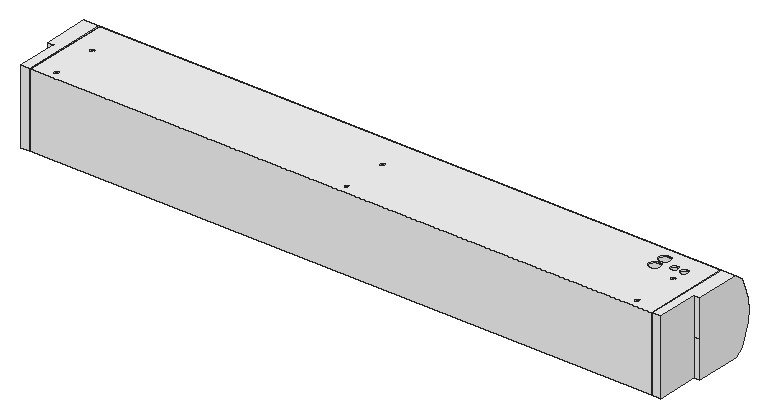
Revit family "Thermoscreens_AirCurtain_C1500NT", category Mechanical Equipment, Revit 2015
Parameters (values of type "C1500W NT")
  Weight(kg) = "26"
  WaterContent = "n/a"
  WarrantyStartDate(default) = "date of unit sale"
  WarrantyGuarantorParts = "2 years"
  WarrantyGuarantorLabour = "2 years"
  WarrantyDurationParts = "2years"
  WarrantyDurationLabour = "2 years"
  WarrantyDescription = "unit fully covered for 2 years"
  Version = "1.0"
  UsageCurrent = "0.9"
  UnitWidth = 233.4 mm
  UnitLength = 1669 mm
  Uniclass = "G52HVAC"
  URL = "http://www.thermoscreens.com/"
  Type Comments = "n/a"
  TubingLength = "n/a"
  ThermalMassHeatCapacity = "n/a"
  ThermalEfficiency = "n/a"
  TemperatureClassification = "n/a"
  TagNumberDefault = "n/a"
  SustainabilityPerformance = "n/a"
  Supply(50Hz) = "230V~1P&N"
  Status = "new"
  Size = "1137 x 198 x 275"
  Shape = "n/a"
  ServiceLifeType = "full cover for 2 years"
  ServiceLifeDuration = "full cover for 2 years"
  SerialNumber(default) = "n/a"
  RightHandAssembly = yes
  ReplacementCost = "n/a"
  ReferenceStandard = "n/a"
  Reference = "n/a"
  RatedVoltage = "230v1phase+N"
  RatedCurrent = "0.9"
  ProductionYear = "2015"
  Product URL = "http://www.thermoscreens.com/our-product-range/c-range"
  Process = "n/a"
  PowerFactor = "n/a"
  PlacementType = "n/a"
  PhaseReference = "L1 L2 L3+N+E"
  PhaseAngle = "N/A"
  OutputCapacity = "6/12"
  NumberOfSections = "n/a"
  NumberOfPoles = "n/a"
  NumberOfPanels = "n/a"
  NominalWidth = "198mm"
  NominalVoltage = "n/a"
  NominalLenght = "1669mm"
  NominalHeight = "275mm"
  NominalFrequencyRange = "n/a"
  NominalCurrent = "+5% of 230v"
  NBSTypeID = "n/a"
  NBSReference = "n/a"
  NBSNote = "n/a"
  NBSDecription = "AirCurtain"
  MountingHeight = "3m max"
  ModelReference = "C1500W NT"
  ModelLable = "n/a"
  Model = "C1500W NT"
  MinToMaxOffsetFromFloor = "up to 3meters"
  MethodOfMeasurement = "mm"
  Max.Velocity(m/s) = "8.5"
  Max.AirVolume(m3/h) = "1700"
  MaxOfSet = 115.5 mm
  Material = "20 gauge sheet steel"
  Manufacturer = "Thermoscreens LTD"
  ManufactureURL = "http://www.thermoscreens.com/"
  Loading(A)*PerPhase = "0.9"
  LifeCyclePhase = "n/a"
  LeftHandAssembly = yes
  Keynote = "n/a"
  IssueDate = "12/02/15"
  InsulationStandardClass = "n/a"
  InsatallationDate = "n/a"
  IfcExportType = "n/a"
  IfcExportAS = "n/a"
  IP_Code = "IP21"
  Help = "http://www.thermoscreens.com/contact-us"
  HeatTransferMedium = "n/a"
  HeatTransferDimension = "n/a"
  HeatSource = "Electric heated elements or low pressure hot water coils"
  HeatOutput(kW) = "9"
  HasProtectiveEarth = "true"
  Grade = "n/a"
  Finish = "Corrision resistant pre-finished 20 gauge sheet steel"
  Filters(optional) = "PS media"
  Features = "n/a"
  Fans = "100mm forward curved metal bladed crossflow impellers"
  EnergySource = "n/a"
  ElectricalDeviceNominalPower = "9"
  Documentation = "n/a"
  DocumentReference = "n/a"
  Description = "Thermoscreens C range of air curtains are compact and are the ideal solution where space is at a premium. The air curtains will provide climate separation and available in standard widths of 1, 1.5 and 2m.  Models available are ambient (without heating), electrical or water heated versions. Water heated (LPHW) versions are available with 2 row coils. Motorised three port valves are supplied as standard with all LPHW models. Electrical and LPHW models are supplied complete with Ecopower control."
  Cost = 0
  Constituents = "n/a"
  colour = "As standered white but this can be changed to the ordered color."
  CodePerformance = "n/a"
  CenterY = UnitWidth / 2  # 116.7 mm
  CenterX = UnitLength / 2  # 834.5 mm
  BimObjectName = "Thermoscreens_AirCurtain_C1500ENT"
  BarCode(default) = "n/a"
  AssetIdentifier(default) = "n/a"
  Assembly Code = "n/a"
  AirFlowDirection = yes
  AirFlow = no
  AccessibilityPerformance = "n/a"
  **dB(A)@3mMed = "53"
  **dB(A)@3mLow = "49"
  **dB(A)@3mHigh = "55"
Types (4, lengths in mm): name | Weight(kg) | UsageCurrent | Supply(50Hz) | RatedVoltage | RatedCurrent | PhaseAngle | OutputCapacity | NominalCurrent | ModelReference | Model | Max.Velocity(m/s) | Max.AirVolume(m3/h) | Loading(A)*PerPhase | IssueDate | HeatOutput(kW) | ElectricalDeviceNominalPower | BimObjectName
  (no name) | "26" | "0.9" | "230V~1P&N" | "230v1phase+N" | "0.9" | "N/A" | "6/12" | "+5% of 230v" | "C1500W NT" | "C1500W NT" | "8.5" | "1700" | "0.9" | "12/02/15" | "9" | "9" | "Thermoscreens_AirCurtain_C1500ENT"
  C1500E NT | "23" | "18.3" | "400V~3P&N" | "400v3phase+N" | "13.7" | "N/A" | "6/12" | "+5% of 400v" | "C1500 E NT" | "C1500E NT" | "9" | "1800" | "18.3" | "23/03/2015" | "6/12" | "6/12" | "Thermoscreens_AirCurtain_C1500ENT"
  C1500W NT | "26" | "0.9" | "230V~1P&N" | "230v1phase+N" | "0.9" | "N/A" | "6/12" | "+5% of 230v" | "C1500W NT" | "C1500W NT" | "8.5" | "1700" | "0.9" | "12/02/15" | "9" | "9" | "Thermoscreens_AirCurtain_C1500ENT"
  C1500A NT | "23" | "18.3" | "230V~1P&N" | "230v1phase+N" | "18.3" | "n/a" | "n/a" | "+5% of 230v" | "C1500A NT" | "C1500A NT" | "9" | "1800" | "0.9" | "12/03/2015" | "n/a" | "n/a" | "Thermoscreens_AirCurtain_C1500ANT"
Reference planes
  plane 1 "Center (Front/Back)": y = 0
  plane 2: z = 3000
  plane 3 "Center (Left/Right)": x = 0
Forms (mm)
  Extrusion 1, solid, material "Default"
    sketch origin (0, 0, 3000) x (1, 0, 0) y (0, 1, 0)
      loop
        line (-834.5, 116.7) -> (-834.5, -116.7) -> (834.5, -116.7) -> (834.5, 116.7) -> (-834.5, 116.7)
    from 0 to 1.2
  Extrusion 2, solid, material "Default"
    sketch origin (834.5, -116.7, 3000) x (-1, 0, 0) y (0, 0, -1)
      loop
        line (0, 0) -> (0, -198) -> (1669, -198) -> (1669, 0) -> (0, 0)
    from 0 to -1.2
  Extrusion 3, solid, material "Default"
    sketch origin (834.5, 116.7, 3000) x (0, -1, 0) y (0, 0, -1)
      loop
        line (233.4, -198) -> (233.4, 0) -> (0, 0) -> (0, -198) -> (233.4, -198)
    from 0 to -1.2
  Extrusion 4, solid, material "Default"
    sketch origin (-834.5, -116.7, 3000) x (0, 1, 0) y (0, 0, -1)
      loop
        line (233.4, -198) -> (233.4, 0) -> (0, 0) -> (0, -198) -> (233.4, -198)
    from 0 to -1.2
  Extrusion 5, solid, material "Default"
    sketch origin (-834.5, 116.7, 3198) x (0, -1, 0) y (1, 0, 0)
      loop
        line (0, 1668.959) -> (0, 0) -> (233.4, 0) -> (233.4, 1668.959) -> (0, 1668.959)
    from 0 to -1.2
  Extrusion 6, solid, material "Default"
    sketch origin (-834.5, -116.7, 3198) x (0, 0, -1) y (0, -1, 0)
      loop
        line (198, -233.4) -> (0, -233.4) -> (15.363, -251.708)
        arc (15.363, -251.708) -> (99, -274.6) -> (182.637, -251.708) r 164.236
        line (182.637, -251.708) -> (198, -233.4)
    from 0 to -1669
  Extrusion 7, void
    sketch origin (-834.5, -116.7, 3000) x (-1, 0, 0) y (0, -1, 0)
      loop
        line (-20.451, -21.2) -> (-1649, -21.2) -> (-1649, -51.2) -> (-20.451, -51.2) -> (-20.451, -21.2)
    from 0 to 20
  Extrusion 8, solid, material "Default"
    sketch origin (834.5, -116.7, 3000) x (0, 0, 1) y (0, -1, 0)
      loop
        line (198, -233.4) -> (198, 0) -> (0, 0) -> (0, -233.4) -> (15.363, -251.708)
        arc (15.363, -251.708) -> (99, -274.6) -> (182.637, -251.708) r 164.236
        line (182.637, -251.708) -> (198, -233.4)
    from 0 to 25.1
  Extrusion 9, solid, material "Default"
    sketch origin (859.6, -116.7, 3000) x (0, 0, 1) y (0, -1, 0)
      loop
        line (99, -111.7) -> (0, -111.7) -> (0, -233.4) -> (15.363, -251.708)
        arc (15.363, -251.708) -> (99, -274.6) -> (182.637, -251.708) r 164.236
        line (182.637, -251.708) -> (198, -233.4) -> (198, -111.7) -> (99, -111.7)
    from 0 to 15
  Extrusion 10, solid, material "Default"
    sketch origin (-834.5, -116.7, 3198) x (0, 0, -1) y (0, -1, 0)
      loop
        line (0, 0) -> (0, -233.4) -> (15.363, -251.708)
        arc (15.363, -251.708) -> (99, -274.6) -> (182.637, -251.708) r 164.236
        line (182.637, -251.708) -> (198, -233.4) -> (198, 0) -> (0, 0)
    from 0 to 25.1
  Extrusion 11, solid, material "Default"
    sketch origin (-859.6, -116.7, 3198) x (0, 0, -1) y (0, -1, 0)
      loop
        line (0, -233.4) -> (15.363, -251.708)
        arc (15.363, -251.708) -> (99, -274.6) -> (182.637, -251.708) r 164.236
        line (182.637, -251.708) -> (198, -233.4) -> (198, -111.7) -> (99, -111.7) -> (0, -111.7) -> (0, -233.4)
    from 0 to 15
  Extrusion 12, void
    sketch origin (834.5, -116.7, 3198) x (0, -1, 0) y (-1, 0, 0)
      loop
        circle (-21, 1614.1) r 5
      loop
        circle (-141, 1614.1) r 5
      loop
        circle (-141, 54.9) r 5
      loop
        circle (-21, 54.9) r 5
    from 0 to 1.2
  Extrusion 13, void
    sketch origin (834.5, -116.7, 3198) x (0, -1, 0) y (-1, 0, 0)
      loop
        circle (-195.093, 120.9) r 15
      loop
        circle (-162.093, 120.9) r 15
      loop
        circle (-177.093, 79.905) r 10
      loop
        circle (-177.093, 53.839) r 10
    from 0 to 1.2
  Extrusion 14, void
    sketch origin (834.5, -116.7, 3198) x (0, -1, 0) y (-1, 0, 0)
      loop
        circle (-141, 834.5) r 5
      loop
        circle (-21, 834.5) r 5
    from 0 to 1.2
  Extrusion 15, solid, material "Default New Material", visible <- "AirFlow", detail levels fine
    sketch origin (-834.5, -116.7, 3000) x (0, -1, 0) y (-1, 0, 0)
      loop
        line (-51.2, -1649) -> (-21.2, -1649) -> (-21.2, -20.451) -> (-51.2, -20.451) -> (-51.2, -1649)
    from 0 to 3000
Cuts and joins
  Extrusion 7, Extrusion 12, Extrusion 13, Extrusion 14 cuts Extrusion 1
  Extrusion 7, Extrusion 12, Extrusion 13, Extrusion 14 cuts Extrusion 2
  Extrusion 7, Extrusion 12, Extrusion 13, Extrusion 14 cuts Extrusion 3
  Extrusion 7, Extrusion 12, Extrusion 13, Extrusion 14 cuts Extrusion 4
  Extrusion 7, Extrusion 12, Extrusion 13, Extrusion 14 cuts Extrusion 5
  joined: Extrusion 1, Extrusion 2, Extrusion 3, Extrusion 4, Extrusion 5
  joined: Extrusion 8, Extrusion 9
  joined: Extrusion 10, Extrusion 11
Lines and regions (mm)
  model lines, visible <- "AirFlowDirection", detail levels fine
    curve 1: line (0, -81.532, 2990) -> (0, -79.505, 2990)
    curve 2: line (0, -79.505, 2990) -> (0, -79.505, 2980)
    curve 3: line (0, -79.505, 2980) -> (0, -77.505, 2980)
    curve 4: line (0, -81.532, 2990) -> (0, -81.532, 2980)
    curve 5: line (0, -81.532, 2980) -> (0, -83.532, 2980)
    curve 6: line (0, -80.5, 2973) -> (0, -83.532, 2980)
    curve 7: line (0, -80.5, 2973) -> (0, -77.505, 2980)
Dimensions and locks
  "CenterY": plane 1 "Center (Front/Back)" to Extrusion 1 sketch curve
  "UnitWidth": Extrusion 1 sketch curve to Extrusion 1 sketch curve
  "CenterX": Extrusion 1 sketch curve to plane 3 "Center (Left/Right)"
  "UnitLength": Extrusion 1 sketch curve to Extrusion 1 sketch curve
  Extrusion 7 sketch curve to cut or joined group 1 (Extrusion 1, Extrusion 2, Extrusion 3, Extrusion 4, Extrusion 5, Extrusion 7, Extrusion 12, Extrusion 13, Extrusion 14) = 20.451 mm
  Extrusion 7 sketch curve to Extrusion 7 sketch curve = 1628.549 mm
  cut or joined group 1 to Extrusion 7 sketch curve = 20 mm
  Extrusion 12 sketch curve to Extrusion 11 = 95 mm  (x2)
  Extrusion 12 sketch curve to Extrusion 12 sketch curve = 120 mm  (x2)
  Extrusion 9 to Extrusion 12 sketch curve = 95 mm  (x2)
  cut or joined group 1 to Extrusion 12 sketch curve = 21 mm  (x2)
  Extrusion 9 to Extrusion 13 sketch curve = 161 mm  (x2)
  Extrusion 13 sketch curve to Extrusion 13 sketch curve = 33 mm
  aligned and locked: level to plane 2
Automatic sketch dimensions
  curve 6 to level = 20 mm
  plane 1 "Center (Front/Back)" to curve 6 = 83.532 mm
  curve 5 to curve 1 = 2 mm
  curve 6 to level = 27 mm
  curve 4 to curve 6 = 1.032 mm
  curve 1 to curve 2 = 2.027 mm
  curve 7 to level = 20 mm
  curve 2 to curve 7 = 2 mm
  curve 2 to curve 2 = 10 mm
  Extrusion 2 sketch curve to Extrusion 1 = 0 mm  (x3)
  Extrusion 2 sketch curve to Extrusion 1 = 196.8 mm
  Extrusion 3 sketch curve to Extrusion 1 = 0 mm  (x3)
  Extrusion 3 sketch curve to Extrusion 1 = 196.8 mm
  Extrusion 4 sketch curve to Extrusion 1 = 0 mm  (x3)
  Extrusion 4 sketch curve to Extrusion 1 = 196.8 mm
  Extrusion 5 sketch curve to Extrusion 4 = 0 mm  (x2)
  Extrusion 4 to Extrusion 5 sketch curve = 0 mm
  Extrusion 5 sketch curve to Extrusion 4 = 1667.759 mm
  Extrusion 6 sketch curve to Extrusion 2 = 0 mm  (x2)
  Extrusion 2 to Extrusion 6 sketch curve = 15.363 mm
  Extrusion 2 to Extrusion 6 sketch curve = 99 mm
  Extrusion 6 sketch curve to Extrusion 2 = 15.363 mm
  Extrusion 6 sketch curve to Extrusion 2 = 250.508 mm
  Extrusion 6 sketch curve to Extrusion 6 sketch curve = 18.308 mm
  Extrusion 6 sketch curve to Extrusion 2 = 109.164 mm
  Extrusion 2 to Extrusion 8 sketch curve = 0 mm
  Extrusion 8 sketch curve to Extrusion 2 = 0 mm  (x2)
  Extrusion 2 to Extrusion 8 sketch curve = 15.363 mm  (x2)
  Extrusion 2 to Extrusion 8 sketch curve = 99 mm
  Extrusion 8 sketch curve to Extrusion 2 = 109.164 mm
  Extrusion 8 sketch curve to Extrusion 8 sketch curve = 123.036 mm  (x2)
  Extrusion 8 sketch curve to Extrusion 8 sketch curve = 18.308 mm
  Extrusion 8 to Extrusion 9 sketch curve = 0 mm  (x2)
  Extrusion 9 sketch curve to Extrusion 8 = 0 mm  (x4)
  Extrusion 9 sketch curve to Extrusion 9 sketch curve = 0 mm
  Extrusion 9 sketch curve to Extrusion 9 sketch curve = 1.336 mm
  Extrusion 10 sketch curve to Extrusion 2 = 0 mm  (x3)
  Extrusion 2 to Extrusion 10 sketch curve = 15.363 mm
  Extrusion 2 to Extrusion 10 sketch curve = 99 mm
  Extrusion 10 sketch curve to Extrusion 2 = 15.363 mm
  Extrusion 10 sketch curve to Extrusion 2 = 109.164 mm
  Extrusion 10 sketch curve to Extrusion 10 sketch curve = 123.036 mm  (x2)
  Extrusion 10 sketch curve to Extrusion 10 sketch curve = 18.308 mm
  Extrusion 11 sketch curve to Extrusion 10 = 0 mm  (x5)
  Extrusion 10 to Extrusion 11 sketch curve = 0 mm
  Extrusion 11 sketch curve to Extrusion 11 sketch curve = 0 mm
  Extrusion 11 sketch curve to Extrusion 11 sketch curve = 1.336 mm
  Extrusion 14 sketch curve to Extrusion 2 = 139.8 mm
  Extrusion 14 sketch curve to Extrusion 2 = 19.8 mm
  Extrusion 14 sketch curve to Extrusion 2 = 834.5 mm
  Extrusion 14 sketch curve to Extrusion 14 sketch curve = 0 mm
  Extrusion 15 sketch curve to Extrusion 2 = 20.451 mm
  Extrusion 2 to Extrusion 15 sketch curve = 50 mm
  Extrusion 2 to Extrusion 15 sketch curve = 20 mm  (x2)
  Extrusion 7 sketch curve to Extrusion 7 sketch curve = 30 mm
  Extrusion 13 sketch curve to Extrusion 2 = 193.893 mm
  Extrusion 13 sketch curve to Extrusion 13 sketch curve = 15 mm
  Extrusion 13 sketch curve to Extrusion 13 sketch curve = 0 mm
  Extrusion 13 sketch curve to Extrusion 13 sketch curve = 40.995 mm
  Extrusion 13 sketch curve to Extrusion 13 sketch curve = 26.066 mm
  radius of Extrusion 9 sketch curve to Extrusion 8 = 0 mm
  radius of Extrusion 11 sketch curve to Extrusion 10 = 0 mm
  radius of Extrusion 14 sketch curve = 5 mm  (x2)
  radius of Extrusion 12 sketch curve = 5 mm  (x4)
  radius of Extrusion 13 sketch curve = 15 mm  (x2)
  radius of Extrusion 13 sketch curve = 10 mm  (x2)
Connectors
  piping at (-779.6, 24.3, 3198), diameter 10
    settings: on cut or joined group 1, index 3, connector inside diameter 609.6 mm, connector length 0 mm, flow factor 0, pipe flow 0.0 L/s, pressure drop 0.0 Pa, fitting loss kfactor 0, connector angle 0.00°, fixture units 0, engagement length 0 mm, angle of deflection 0.00°, flow configuration 0, flow direction 0, fitting loss method 0, system type 28, joint type 0, gender type 0, connector reference index -1, connector utility 0, adjustable connector no, is connector primary yes, connector description ""
  piping at (-779.6, -95.7, 3198), diameter 10
    settings: on cut or joined group 1, index 4, connector inside diameter 609.6 mm, connector length 0 mm, flow factor 0, pipe flow 0.0 L/s, pressure drop 0.0 Pa, fitting loss kfactor 0, connector angle 0.00°, fixture units 0, engagement length 0 mm, angle of deflection 0.00°, flow configuration 0, flow direction 0, fitting loss method 0, system type 28, joint type 0, gender type 0, connector reference index -1, connector utility 0, adjustable connector no, is connector primary no, connector description ""
  piping at (779.6, 24.3, 3196.8), diameter 10
    settings: on cut or joined group 1, index 5, connector inside diameter 609.6 mm, connector length 0 mm, flow factor 0, pipe flow 0.0 L/s, pressure drop 0.0 Pa, fitting loss kfactor 0, connector angle 0.00°, fixture units 0, engagement length 0 mm, angle of deflection 0.00°, flow configuration 0, flow direction 0, fitting loss method 0, system type 28, joint type 0, gender type 0, connector reference index -1, connector utility 0, adjustable connector no, is connector primary no, connector description ""
  piping at (779.6, -95.7, 3198), diameter 10
    settings: on cut or joined group 1, index 6, connector inside diameter 609.6 mm, connector length 0 mm, flow factor 0, pipe flow 0.0 L/s, pressure drop 0.0 Pa, fitting loss kfactor 0, connector angle 0.00°, fixture units 0, engagement length 0 mm, angle of deflection 0.00°, flow configuration 0, flow direction 0, fitting loss method 0, system type 28, joint type 0, gender type 0, connector reference index -1, connector utility 0, adjustable connector no, is connector primary no, connector description ""
  electrical at (754.595, 60.393, 3198)
    settings: on cut or joined group 1, index 9, voltage 0 V, apparent load 0 VA, apparent load phase1 0 VA, apparent load phase2 0 VA, apparent load phase3 0 VA, power factor 1, load classification "Other", number of poles 1, system type 14, power factor state 1, is connector primary yes, connector utility no, sub classification motor no, connector description ""
  electrical at (780.661, 60.393, 3196.8)
    settings: on cut or joined group 1, index 10, voltage 0 V, apparent load 0 VA, apparent load phase1 0 VA, apparent load phase2 0 VA, apparent load phase3 0 VA, power factor 1, load classification "Other", number of poles 1, system type 14, power factor state 1, is connector primary no, connector utility no, sub classification motor no, connector description ""
  piping at (713.6, 45.393, 3198), diameter 30
    settings: on cut or joined group 1, index 11, connector inside diameter 609.6 mm, connector length 0 mm, flow factor 0, pipe flow 0.0 L/s, pressure drop 0.0 Pa, fitting loss kfactor 0, connector angle 0.00°, fixture units 0, engagement length 0 mm, angle of deflection 0.00°, flow configuration 0, flow direction 2, fitting loss method 4, system type 19, joint type 0, gender type 0, connector reference index -1, connector utility 0, adjustable connector no, is connector primary no, connector description ""
  piping at (713.6, 78.393, 3196.8), diameter 30
    settings: on cut or joined group 1, index 12, connector inside diameter 609.6 mm, connector length 0 mm, flow factor 0, pipe flow 0.0 L/s, pressure drop 0.0 Pa, fitting loss kfactor 0, connector angle 0.00°, fixture units 0, engagement length 0 mm, angle of deflection 0.00°, flow configuration 0, flow direction 1, fitting loss method 0, system type 19, joint type 0, gender type 0, connector reference index -1, connector utility 0, adjustable connector no, is connector primary no, connector description ""
  piping at (0, 24.3, 3196.8), diameter 10
    settings: on cut or joined group 1, index 13, connector inside diameter 609.6 mm, connector length 0 mm, flow factor 0, pipe flow 0.0 L/s, pressure drop 0.0 Pa, fitting loss kfactor 0, connector angle 0.00°, fixture units 0, engagement length 0 mm, angle of deflection 0.00°, flow configuration 0, flow direction 0, fitting loss method 0, system type 28, joint type 0, gender type 0, connector reference index -1, connector utility 0, adjustable connector no, is connector primary no, connector description ""
  piping at (0, -95.7, 3196.8), diameter 10
    settings: on cut or joined group 1, index 14, connector inside diameter 609.6 mm, connector length 0 mm, flow factor 0, pipe flow 0.0 L/s, pressure drop 0.0 Pa, fitting loss kfactor 0, connector angle 0.00°, fixture units 0, engagement length 0 mm, angle of deflection 0.00°, flow configuration 0, flow direction 0, fitting loss method 0, system type 28, joint type 0, gender type 0, connector reference index -1, connector utility 0, adjustable connector no, is connector primary no, connector description ""
